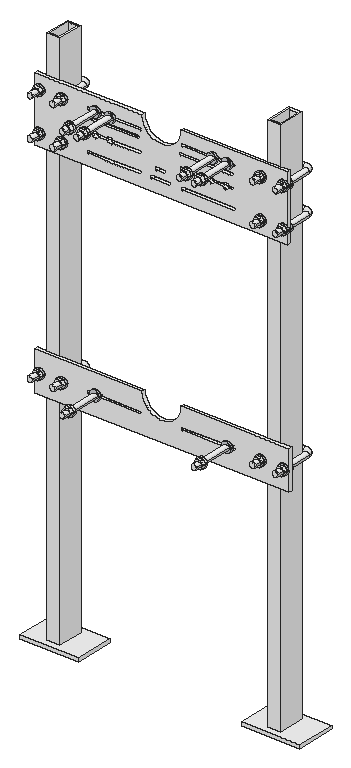
Revit family "Plumbing Fixture-Water_Closet_Carrier_Mifab_MC-32", category Plumbing Fixtures, host Face, Revit 2013
Parameters
  WFU = 0
  URL = "www.mifab.com"
  Model = "MC-32"
  Manufacturer = "MIFAB"
  Floor Drain Material = Paint - Sherwin Williams Paint - #952C2A - Bellwood Red
  Description = "Hanger Plate Carrier With Bearing Plate And Two Uprights"
  Default Elevation = 0.000"
  Assembly Code = ""
Reference planes (in)
  plane 1 "Center (Front/Back)": y = 0
  plane 2: z = 0
  plane 3 "Center (Left/Right)": x = 0
Forms (in)
  Extrusion 1, solid, material "Paint - Sherwin Williams Paint - #952C2A - Bellwood Red" <- "Floor Drain Material"
    sketch origin (0.125, 0, 0) x (1, 0, 0) y (0, 1, 0)
      loop
        line (-10.75, 1.5) -> (-10.75, -1.5) -> (-6.25, -1.5) -> (-6.25, 1.5) -> (-10.75, 1.5)
      loop
        line (10.75, 1.5) -> (6.25, 1.5) -> (6.25, -1.5) -> (10.75, -1.5) -> (10.75, 1.5)
    from 0 to 0.25
  Extrusion 2, solid, material "Paint - Sherwin Williams Paint - #952C2A - Bellwood Red" <- "Floor Drain Material"
    sketch origin (0, 0, 0) x (1, 0, 0) y (0, 1, 0)
      loop
        line (-9, 1) -> (-9, -1) -> (-8, -1) -> (-8, 1) -> (-9, 1)
      loop
        line (9, 1) -> (8, 1) -> (8, -1) -> (9, -1) -> (9, 1)
      loop
        line (-8.875, 0.875) -> (-8.875, -0.875) -> (-8.125, -0.875) -> (-8.125, 0.875) -> (-8.875, 0.875)
      loop
        line (8.875, 0.875) -> (8.125, 0.875) -> (8.125, -0.875) -> (8.875, -0.875) -> (8.875, 0.875)
    from 0.25 to 42
  Extrusion 3, solid, material "Paint - Sherwin Williams Paint - #952C2A - Bellwood Red" <- "Floor Drain Material"
    sketch origin (0.04675, -1.5, 0) x (1, 0, 0) y (0, 0, 1)
      loop
        line (-9.75, 39.14334) -> (-9.75, 34.14334) -> (9.65649, 34.14334) -> (9.65649, 39.14334) -> (1.5, 39.14334)
        arc (1.5, 39.14334) -> (0, 37.64334) -> (-1.5, 39.14334) r 1.5
        line (-1.5, 39.14334) -> (-9.75, 39.14334)
      loop
        circle (9.37144, 38.14334) r 0.25
      loop
        circle (7.62856, 38.14334) r 0.25
      loop
        circle (-9.37144, 38.14334) r 0.25
      loop
        circle (-7.62856, 38.14334) r 0.25
      loop
        line (5.54399, 38.26834) -> (5.275, 38.26834) -> (1.66899, 38.26834)
        arc (1.66899, 38.26834) -> (1.54399, 38.14334) -> (1.66899, 38.01834) r 0.125
        line (1.66899, 38.01834) -> (5.27785, 38.01834) -> (5.54399, 38.01834)
        arc (5.54399, 38.01834) -> (5.66899, 38.14334) -> (5.54399, 38.26834) r 0.125
      loop
        arc (-5.54399, 38.26834) -> (-5.66899, 38.14334) -> (-5.54399, 38.01834) r 0.125
        line (-5.54399, 38.01834) -> (-5.27785, 38.01834) -> (-1.66899, 38.01834)
        arc (-1.66899, 38.01834) -> (-1.54399, 38.14334) -> (-1.66899, 38.26834) r 0.125
        line (-1.66899, 38.26834) -> (-5.275, 38.26834) -> (-5.54399, 38.26834)
      loop
        line (-9.75, 20.14334) -> (-9.75, 17.14334) -> (9.75, 17.14334) -> (9.75, 20.14334) -> (1.5, 20.14334)
        arc (1.5, 20.14334) -> (0, 18.64334) -> (-1.5, 20.14334) r 1.5
        line (-1.5, 20.14334) -> (-9.75, 20.14334)
      loop
        circle (9.37144, 18.625) r 0.25
      loop
        circle (7.62856, 18.625) r 0.25
      loop
        circle (-9.37144, 18.625) r 0.25
      loop
        circle (-7.62856, 18.625) r 0.25
      loop
        line (5.54399, 18.75) -> (5.275, 18.75)
        arc (5.275, 18.75) -> (5.05994, 18.87253) -> (4.84488, 18.75) r 0.25
        line (4.84488, 18.75) -> (4.15512, 18.75) -> (1.66899, 18.75)
        arc (1.66899, 18.75) -> (1.54399, 18.625) -> (1.66899, 18.5) r 0.125
        line (1.66899, 18.5) -> (4.15797, 18.5) -> (4.84203, 18.5)
        arc (4.84203, 18.5) -> (5.05994, 18.37253) -> (5.27785, 18.5) r 0.25
        line (5.27785, 18.5) -> (5.54399, 18.5)
        arc (5.54399, 18.5) -> (5.66899, 18.625) -> (5.54399, 18.75) r 0.125
      loop
        arc (-5.54399, 18.75) -> (-5.66899, 18.625) -> (-5.54399, 18.5) r 0.125
        line (-5.54399, 18.5) -> (-5.27785, 18.5)
        arc (-5.27785, 18.5) -> (-5.05994, 18.37253) -> (-4.84203, 18.5) r 0.25
        line (-4.84203, 18.5) -> (-4.15797, 18.5) -> (-1.66899, 18.5)
        arc (-1.66899, 18.5) -> (-1.54399, 18.625) -> (-1.66899, 18.75) r 0.125
        line (-1.66899, 18.75) -> (-4.15512, 18.75) -> (-4.84488, 18.75)
        arc (-4.84488, 18.75) -> (-5.05994, 18.87253) -> (-5.275, 18.75) r 0.25
        line (-5.275, 18.75) -> (-5.54399, 18.75)
      loop
        circle (9.37144, 35.14334) r 0.25
      loop
        circle (7.62856, 35.14334) r 0.25
      loop
        circle (-9.37144, 35.14334) r 0.25
      loop
        circle (-7.62856, 35.14334) r 0.25
      loop
        arc (5.54399, 35.01834) -> (5.66899, 35.14334) -> (5.54399, 35.26834) r 0.125
        line (5.54399, 35.26834) -> (1.66899, 35.26834)
        arc (1.66899, 35.26834) -> (1.54399, 35.14334) -> (1.66899, 35.01834) r 0.125
        line (1.66899, 35.01834) -> (5.54399, 35.01834)
      loop
        line (-5.54399, 35.01834) -> (-3.725, 35.01834) -> (-1.66899, 35.01834)
        arc (-1.66899, 35.01834) -> (-1.54399, 35.14334) -> (-1.66899, 35.26834) r 0.125
        line (-1.66899, 35.26834) -> (-3.72215, 35.26834) -> (-5.54399, 35.26834)
        arc (-5.54399, 35.26834) -> (-5.66899, 35.14334) -> (-5.54399, 35.01834) r 0.125
      loop
        arc (-5.54399, 36.64334) -> (-5.66899, 36.51834) -> (-5.54399, 36.39334) r 0.125
        line (-5.54399, 36.39334) -> (-5.27785, 36.39334)
        arc (-5.27785, 36.39334) -> (-5.05994, 36.26587) -> (-4.84203, 36.39334) r 0.25
        line (-4.84203, 36.39334) -> (-4.15797, 36.39334)
        arc (-4.15797, 36.39334) -> (-3.94006, 36.26587) -> (-3.72215, 36.39334) r 0.25
        line (-3.72215, 36.39334) -> (-1.66899, 36.39334)
        arc (-1.66899, 36.39334) -> (-1.54399, 36.51834) -> (-1.66899, 36.64334) r 0.125
        line (-1.66899, 36.64334) -> (-3.725, 36.64334)
        arc (-3.725, 36.64334) -> (-3.94006, 36.76587) -> (-4.15512, 36.64334) r 0.25
        line (-4.15512, 36.64334) -> (-4.84488, 36.64334)
        arc (-4.84488, 36.64334) -> (-5.05994, 36.76587) -> (-5.275, 36.64334) r 0.25
        line (-5.275, 36.64334) -> (-5.54399, 36.64334)
      loop
        line (5.41405, 37.625) -> (5.14506, 37.625) -> (1.53905, 37.625)
        arc (1.53905, 37.625) -> (1.41405, 37.5) -> (1.53905, 37.375) r 0.125
        line (1.53905, 37.375) -> (5.14791, 37.375) -> (5.41405, 37.375)
        arc (5.41405, 37.375) -> (5.53905, 37.5) -> (5.41405, 37.625) r 0.125
      loop
        arc (-5.67393, 37.625) -> (-5.79893, 37.5) -> (-5.67393, 37.375) r 0.125
        line (-5.67393, 37.375) -> (-5.40779, 37.375) -> (-1.79893, 37.375)
        arc (-1.79893, 37.375) -> (-1.67393, 37.5) -> (-1.79893, 37.625) r 0.125
        line (-1.79893, 37.625) -> (-5.40494, 37.625) -> (-5.67393, 37.625)
      loop
        line (5.45049, 36.64334) -> (5.1815, 36.64334)
        arc (5.1815, 36.64334) -> (4.96643, 36.76587) -> (4.75137, 36.64334) r 0.25
        line (4.75137, 36.64334) -> (4.06162, 36.64334)
        arc (4.06162, 36.64334) -> (3.84656, 36.76587) -> (3.63149, 36.64334) r 0.25
        line (3.63149, 36.64334) -> (1.57549, 36.64334)
        arc (1.57549, 36.64334) -> (1.45049, 36.51834) -> (1.57549, 36.39334) r 0.125
        line (1.57549, 36.39334) -> (3.62864, 36.39334)
        arc (3.62864, 36.39334) -> (3.84656, 36.26587) -> (4.06447, 36.39334) r 0.25
        line (4.06447, 36.39334) -> (4.74852, 36.39334)
        arc (4.74852, 36.39334) -> (4.96643, 36.26587) -> (5.18435, 36.39334) r 0.25
        line (5.18435, 36.39334) -> (5.45049, 36.39334)
        arc (5.45049, 36.39334) -> (5.57549, 36.51834) -> (5.45049, 36.64334) r 0.125
      loop
        arc (-0.70997, 35.26834) -> (-0.83497, 35.14334) -> (-0.70997, 35.01834) r 0.125
        line (-0.70997, 35.01834) -> (0.61647, 35.01834)
        arc (0.61647, 35.01834) -> (0.74147, 35.14334) -> (0.61647, 35.26834) r 0.125
        line (0.61647, 35.26834) -> (-0.70997, 35.26834)
      loop
        arc (-0.32934, 35.95824) -> (-0.45434, 35.83324) -> (-0.32934, 35.70824) r 0.125
        line (-0.32934, 35.70824) -> (0.23583, 35.70824)
        arc (0.23583, 35.70824) -> (0.36083, 35.83324) -> (0.23583, 35.95824) r 0.125
        line (0.23583, 35.95824) -> (-0.32934, 35.95824)
    from -0.5 to -0.25
  Sweep 4, solid, material "Paint - Sherwin Williams Paint - #952C2A - Bellwood Red" <- "Floor Drain Material"
    path origin (0.04675, 0, 0.48355) x (1, 0, 0) y (0, 1, 0)
      loop
        line (-9.37144, -2.1899) -> (-9.37144, 0.8101)
        arc (-9.37144, 0.8101) -> (-9.2426, 1.12116) -> (-8.93154, 1.25) r 0.4399
        line (-8.93154, 1.25) -> (-8.06846, 1.25)
        arc (-8.06846, 1.25) -> (-7.7574, 1.12116) -> (-7.62856, 0.8101) r 0.4399
        line (-7.62856, 0.8101) -> (-7.62856, -2.1899)
    profile origin (-9.32469, -0.6899, 0.48355) x (-1, 0, 0) y (0, 0, 1)
      loop
        circle (0, 37.63699) r 0.2
  Sweep 5, solid, material "Paint - Sherwin Williams Paint - #952C2A - Bellwood Red" <- "Floor Drain Material"
    path origin (0.05085, 0.11634, 0.49005) x (-1, 0, 0) y (0, 1, 0)
      loop
        line (-9.37144, -2.1899) -> (-9.37144, 0.8101)
        arc (-9.37144, 0.8101) -> (-9.2426, 1.12116) -> (-8.93154, 1.25) r 0.4399
        line (-8.93154, 1.25) -> (-8.06846, 1.25)
        arc (-8.06846, 1.25) -> (-7.7574, 1.12116) -> (-7.62856, 0.8101) r 0.4399
        line (-7.62856, 0.8101) -> (-7.62856, -2.1899)
    profile origin (9.42229, -0.57356, 0.49005) x (-1, 0, 0) y (0, 0, 1)
      loop
        circle (0, 37.63699) r 0.2
  Extrusion 6, solid
    sketch origin (0.04675, 0, 1.87253) x (1, 0, 0) y (0, 0, 1)
      loop
        circle (-9.37144, 36.25) r 0.37861
      loop
        circle (-7.62856, 36.25) r 0.37861
      loop
        circle (7.62856, 36.25) r 0.37861
      loop
        circle (9.37144, 36.25) r 0.37861
    from 1.25 to 1.375
  Extrusion 7, solid
    sketch origin (0.04675, -2.25, 1.87253) x (1, 0, 0) y (0, 0, -1)
      loop
        circle (-9.37144, -36.25) r 0.37861
      loop
        circle (-7.62856, -36.25) r 0.37861
      loop
        circle (7.62856, -36.25) r 0.37861
      loop
        circle (9.37144, -36.25) r 0.37861
    from 1.25 to 1.375
  Extrusion 8, solid, material "Paint - Sherwin Williams Paint - #952C2A - Bellwood Red" <- "Floor Drain Material"
    sketch origin (0.04675, 0, 1.87253) x (1, 0, 0) y (0, 0, 1)
      loop
        line (9.19891, 36.54883) -> (9.02638, 36.25) -> (9.19891, 35.95117) -> (9.54397, 35.95117) -> (9.7165, 36.25) -> (9.54397, 36.54883) -> (9.19891, 36.54883)
      loop
        line (7.45603, 36.54883) -> (7.2835, 36.25) -> (7.45603, 35.95117) -> (7.80109, 35.95117) -> (7.97362, 36.25) -> (7.80109, 36.54883) -> (7.45603, 36.54883)
      loop
        circle (9.37144, 36.25) r 0.2
      loop
        circle (7.62856, 36.25) r 0.2
      loop
        line (-9.19891, 36.54883) -> (-9.54397, 36.54883) -> (-9.7165, 36.25) -> (-9.54397, 35.95117) -> (-9.19891, 35.95117) -> (-9.02638, 36.25) -> (-9.19891, 36.54883)
      loop
        line (-7.45603, 36.54883) -> (-7.80109, 36.54883) -> (-7.97362, 36.25) -> (-7.80109, 35.95117) -> (-7.45603, 35.95117) -> (-7.2835, 36.25) -> (-7.45603, 36.54883)
      loop
        circle (-9.38944, 36.27126) r 0.2
      loop
        circle (-7.62856, 36.25) r 0.2
    from 1.375 to 1.625
  Extrusion 9, solid, material "Paint - Sherwin Williams Paint - #952C2A - Bellwood Red" <- "Floor Drain Material"
    sketch origin (0.04675, 0, 0.5) x (1, 0, 0) y (0, 0, 1)
      loop
        circle (-3.94006, 37.62253) r 0.2
      loop
        circle (-5.05994, 37.62253) r 0.2
      loop
        circle (3.94006, 37.62253) r 0.2
      loop
        circle (5.05994, 37.62253) r 0.2
    from 0.73281 to 4.48435
  Extrusion 10, solid, material "Paint - Sherwin Williams Paint - #952C2A - Bellwood Red" <- "Floor Drain Material"
    sketch origin (4.35826, -2.4273, -1.05033) x (1, 0, 0) y (0, 0, 1)
      loop
        line (-9.19891, 39.47169) -> (-9.54397, 39.47169) -> (-9.7165, 39.17286) -> (-9.54397, 38.87403) -> (-9.19891, 38.87403) -> (-9.02638, 39.17286) -> (-9.19891, 39.47169)
      loop
        circle (-9.37144, 39.17286) r 0.2
      loop
        line (-8.07903, 39.47169) -> (-8.42409, 39.47169) -> (-8.59662, 39.17286) -> (-8.42409, 38.87403) -> (-8.07903, 38.87403) -> (-7.90651, 39.17286) -> (-8.07903, 39.47169)
      loop
        circle (-8.25156, 39.17286) r 0.2
      loop
        line (-0.19891, 39.47169) -> (-0.54397, 39.47169) -> (-0.7165, 39.17286) -> (-0.54397, 38.87403) -> (-0.19891, 38.87403) -> (-0.02638, 39.17286) -> (-0.19891, 39.47169)
      loop
        circle (-0.37144, 39.17286) r 0.2
      loop
        line (0.92097, 39.47169) -> (0.57591, 39.47169) -> (0.40338, 39.17286) -> (0.57591, 38.87403) -> (0.92097, 38.87403) -> (1.09349, 39.17286) -> (0.92097, 39.47169)
      loop
        circle (0.74844, 39.17286) r 0.2
    from 1.375 to 1.625
  Extrusion 11, solid
    sketch origin (4.35826, 0, -1.05033) x (1, 0, 0) y (0, 0, 1)
      loop
        circle (-9.37144, 39.17286) r 0.37857
      loop
        circle (-8.25156, 39.17286) r 0.37857
      loop
        circle (-0.37144, 39.17286) r 0.37857
      loop
        circle (0.74844, 39.17286) r 0.37857
    from 1.25 to 1.375
  Extrusion 12, solid, material "Paint - Sherwin Williams Paint - #952C2A - Bellwood Red" <- "Floor Drain Material"
    sketch origin (4.35826, -2.43499, -1.05033) x (1, 0, 0) y (0, 0, 1)
      loop
        circle (-9.37144, 39.17286) r 0.37857
      loop
        circle (-8.25156, 39.17286) r 0.37857
      loop
        circle (-0.37144, 39.17286) r 0.37857
      loop
        circle (0.74844, 39.17286) r 0.37857
    from 1.25 to 1.375
  Extrusion 13, solid, material "Paint - Sherwin Williams Paint - #952C2A - Bellwood Red" <- "Floor Drain Material"
    sketch origin (0.04675, 0, -19) x (1, 0, 0) y (0, 0, 1)
      loop
        circle (-5.05994, 37.62253) r 0.2
      loop
        circle (5.05994, 37.62253) r 0.2
    from 0.73281 to 4.48435
  Extrusion 14, solid, material "Paint - Sherwin Williams Paint - #952C2A - Bellwood Red" <- "Floor Drain Material"
    sketch origin (4.35826, -2.4273, -20.55033) x (1, 0, 0) y (0, 0, 1)
      loop
        line (-9.19891, 39.47169) -> (-9.54397, 39.47169) -> (-9.7165, 39.17286) -> (-9.54397, 38.87403) -> (-9.19891, 38.87403) -> (-9.02638, 39.17286) -> (-9.19891, 39.47169)
      loop
        circle (-9.37144, 39.17286) r 0.2
      loop
        line (0.92097, 39.47169) -> (0.57591, 39.47169) -> (0.40338, 39.17286) -> (0.57591, 38.87403) -> (0.92097, 38.87403) -> (1.09349, 39.17286) -> (0.92097, 39.47169)
      loop
        circle (0.74844, 39.17286) r 0.2
    from 1.375 to 1.625
  Extrusion 15, solid
    sketch origin (4.35826, 0, -20.55033) x (1, 0, 0) y (0, 0, 1)
      loop
        circle (-9.37144, 39.17286) r 0.37857
      loop
        circle (0.74844, 39.17286) r 0.37857
    from 1.25 to 1.375
  Extrusion 16, solid, material "Paint - Sherwin Williams Paint - #952C2A - Bellwood Red" <- "Floor Drain Material"
    sketch origin (4.35826, -2.43499, -20.55033) x (1, 0, 0) y (0, 0, 1)
      loop
        circle (-9.37144, 39.17286) r 0.37857
      loop
        circle (0.74844, 39.17286) r 0.37857
    from 1.25 to 1.375
  Sweep 17, solid, material "Paint - Sherwin Williams Paint - #952C2A - Bellwood Red" <- "Floor Drain Material"
    path origin (0.04675, 0, -2.51645) x (1, 0, 0) y (0, 1, 0)
      loop
        line (-9.37144, -2.1899) -> (-9.37144, 0.8101)
        arc (-9.37144, 0.8101) -> (-9.2426, 1.12116) -> (-8.93154, 1.25) r 0.4399
        line (-8.93154, 1.25) -> (-8.06846, 1.25)
        arc (-8.06846, 1.25) -> (-7.7574, 1.12116) -> (-7.62856, 0.8101) r 0.4399
        line (-7.62856, 0.8101) -> (-7.62856, -2.1899)
    profile origin (-9.32469, -0.6899, -2.51645) x (-1, 0, 0) y (0, 0, 1)
      loop
        circle (0, 37.63699) r 0.2
  Sweep 18, solid, material "Paint - Sherwin Williams Paint - #952C2A - Bellwood Red" <- "Floor Drain Material"
    path origin (0.05085, 0.11634, -2.50995) x (-1, 0, 0) y (0, 1, 0)
      loop
        line (-9.37144, -2.1899) -> (-9.37144, 0.8101)
        arc (-9.37144, 0.8101) -> (-9.2426, 1.12116) -> (-8.93154, 1.25) r 0.4399
        line (-8.93154, 1.25) -> (-8.06846, 1.25)
        arc (-8.06846, 1.25) -> (-7.7574, 1.12116) -> (-7.62856, 0.8101) r 0.4399
        line (-7.62856, 0.8101) -> (-7.62856, -2.1899)
    profile origin (9.42229, -0.57356, -2.50995) x (-1, 0, 0) y (0, 0, 1)
      loop
        circle (0, 37.63699) r 0.2
  Extrusion 19, solid
    sketch origin (0.04675, 0, -1.12747) x (1, 0, 0) y (0, 0, 1)
      loop
        circle (-9.37144, 36.25) r 0.37861
      loop
        circle (-7.62856, 36.25) r 0.37861
      loop
        circle (7.62856, 36.25) r 0.37861
      loop
        circle (9.37144, 36.25) r 0.37861
    from 1.25 to 1.375
  Extrusion 20, solid
    sketch origin (0.04675, -2.25, -1.12747) x (1, 0, 0) y (0, 0, -1)
      loop
        circle (-9.37144, -36.25) r 0.37861
      loop
        circle (-7.62856, -36.25) r 0.37861
      loop
        circle (7.62856, -36.25) r 0.37861
      loop
        circle (9.37144, -36.25) r 0.37861
    from 1.25 to 1.375
  Extrusion 21, solid, material "Paint - Sherwin Williams Paint - #952C2A - Bellwood Red" <- "Floor Drain Material"
    sketch origin (0.04675, 0, -1.12747) x (1, 0, 0) y (0, 0, 1)
      loop
        line (9.19891, 36.54883) -> (9.02638, 36.25) -> (9.19891, 35.95117) -> (9.54397, 35.95117) -> (9.7165, 36.25) -> (9.54397, 36.54883) -> (9.19891, 36.54883)
      loop
        line (7.45603, 36.54883) -> (7.2835, 36.25) -> (7.45603, 35.95117) -> (7.80109, 35.95117) -> (7.97362, 36.25) -> (7.80109, 36.54883) -> (7.45603, 36.54883)
      loop
        circle (9.37144, 36.25) r 0.2
      loop
        circle (7.62856, 36.25) r 0.2
      loop
        line (-9.19891, 36.54883) -> (-9.54397, 36.54883) -> (-9.7165, 36.25) -> (-9.54397, 35.95117) -> (-9.19891, 35.95117) -> (-9.02638, 36.25) -> (-9.19891, 36.54883)
      loop
        line (-7.45603, 36.54883) -> (-7.80109, 36.54883) -> (-7.97362, 36.25) -> (-7.80109, 35.95117) -> (-7.45603, 35.95117) -> (-7.2835, 36.25) -> (-7.45603, 36.54883)
      loop
        circle (-9.38944, 36.27126) r 0.2
      loop
        circle (-7.62856, 36.25) r 0.2
    from 1.375 to 1.625
  Extrusion 22, solid, material "Paint - Sherwin Williams Paint - #952C2A - Bellwood Red" <- "Floor Drain Material"
    sketch origin (0.04675, 0, 1.87253) x (1, 0, 0) y (0, 0, 1)
      loop
        line (9.19891, 36.54883) -> (9.02638, 36.25) -> (9.19891, 35.95117) -> (9.54397, 35.95117) -> (9.7165, 36.25) -> (9.54397, 36.54883) -> (9.19891, 36.54883)
      loop
        line (7.45603, 36.54883) -> (7.2835, 36.25) -> (7.45603, 35.95117) -> (7.80109, 35.95117) -> (7.97362, 36.25) -> (7.80109, 36.54883) -> (7.45603, 36.54883)
      loop
        circle (9.37144, 36.25) r 0.2
      loop
        circle (7.62856, 36.25) r 0.2
      loop
        line (-9.19891, 36.54883) -> (-9.54397, 36.54883) -> (-9.7165, 36.25) -> (-9.54397, 35.95117) -> (-9.19891, 35.95117) -> (-9.02638, 36.25) -> (-9.19891, 36.54883)
      loop
        line (-7.45603, 36.54883) -> (-7.80109, 36.54883) -> (-7.97362, 36.25) -> (-7.80109, 35.95117) -> (-7.45603, 35.95117) -> (-7.2835, 36.25) -> (-7.45603, 36.54883)
      loop
        circle (-9.38944, 36.27126) r 0.2
      loop
        circle (-7.62856, 36.25) r 0.2
    from 1.375 to 1.625
  Sweep 23, solid, material "Paint - Sherwin Williams Paint - #952C2A - Bellwood Red" <- "Floor Drain Material"
    path origin (0.04675, 0, -19.03445) x (1, 0, 0) y (0, 1, 0)
      loop
        line (-9.37144, -2.1899) -> (-9.37144, 0.8101)
        arc (-9.37144, 0.8101) -> (-9.2426, 1.12116) -> (-8.93154, 1.25) r 0.4399
        line (-8.93154, 1.25) -> (-8.06846, 1.25)
        arc (-8.06846, 1.25) -> (-7.7574, 1.12116) -> (-7.62856, 0.8101) r 0.4399
        line (-7.62856, 0.8101) -> (-7.62856, -2.1899)
    profile origin (-9.32469, -0.6899, -19.03445) x (-1, 0, 0) y (0, 0, 1)
      loop
        circle (0, 37.63699) r 0.2
  Sweep 24, solid, material "Paint - Sherwin Williams Paint - #952C2A - Bellwood Red" <- "Floor Drain Material"
    path origin (0.05085, 0.11634, -19.02795) x (-1, 0, 0) y (0, 1, 0)
      loop
        line (-9.37144, -2.1899) -> (-9.37144, 0.8101)
        arc (-9.37144, 0.8101) -> (-9.2426, 1.12116) -> (-8.93154, 1.25) r 0.4399
        line (-8.93154, 1.25) -> (-8.06846, 1.25)
        arc (-8.06846, 1.25) -> (-7.7574, 1.12116) -> (-7.62856, 0.8101) r 0.4399
        line (-7.62856, 0.8101) -> (-7.62856, -2.1899)
    profile origin (9.42229, -0.57356, -19.02795) x (-1, 0, 0) y (0, 0, 1)
      loop
        circle (0, 37.63699) r 0.2
  Extrusion 25, solid
    sketch origin (0.04675, 0, -17.64547) x (1, 0, 0) y (0, 0, 1)
      loop
        circle (-9.37144, 36.25) r 0.37861
      loop
        circle (-7.62856, 36.25) r 0.37861
      loop
        circle (7.62856, 36.25) r 0.37861
      loop
        circle (9.37144, 36.25) r 0.37861
    from 1.25 to 1.375
  Extrusion 26, solid
    sketch origin (0.04675, -2.25, -17.64547) x (1, 0, 0) y (0, 0, -1)
      loop
        circle (-9.37144, -36.25) r 0.37861
      loop
        circle (-7.62856, -36.25) r 0.37861
      loop
        circle (7.62856, -36.25) r 0.37861
      loop
        circle (9.37144, -36.25) r 0.37861
    from 1.25 to 1.375
  Extrusion 27, solid, material "Paint - Sherwin Williams Paint - #952C2A - Bellwood Red" <- "Floor Drain Material"
    sketch origin (0.04675, 0, -17.64547) x (1, 0, 0) y (0, 0, 1)
      loop
        line (9.19891, 36.54883) -> (9.02638, 36.25) -> (9.19891, 35.95117) -> (9.54397, 35.95117) -> (9.7165, 36.25) -> (9.54397, 36.54883) -> (9.19891, 36.54883)
      loop
        line (7.45603, 36.54883) -> (7.2835, 36.25) -> (7.45603, 35.95117) -> (7.80109, 35.95117) -> (7.97362, 36.25) -> (7.80109, 36.54883) -> (7.45603, 36.54883)
      loop
        circle (9.37144, 36.25) r 0.2
      loop
        circle (7.62856, 36.25) r 0.2
      loop
        line (-9.19891, 36.54883) -> (-9.54397, 36.54883) -> (-9.7165, 36.25) -> (-9.54397, 35.95117) -> (-9.19891, 35.95117) -> (-9.02638, 36.25) -> (-9.19891, 36.54883)
      loop
        line (-7.45603, 36.54883) -> (-7.80109, 36.54883) -> (-7.97362, 36.25) -> (-7.80109, 35.95117) -> (-7.45603, 35.95117) -> (-7.2835, 36.25) -> (-7.45603, 36.54883)
      loop
        circle (-9.38944, 36.27126) r 0.2
      loop
        circle (-7.62856, 36.25) r 0.2
    from 1.375 to 1.625
Cuts and joins
  joined: Extrusion 1, Extrusion 2, Extrusion 3, Sweep 4, Sweep 5, Extrusion 8, Extrusion 9, Extrusion 10, Extrusion 12
Dimensions and locks (in)
  Extrusion 3 sketch curve to Extrusion 3 sketch curve = 5.000"
  Extrusion 2 to plane 3 "Center (Left/Right)" to Extrusion 2 = 9.000" locked, 9.000" locked
  Extrusion 3 sketch curve to Extrusion 3 sketch curve = 3.000"
  aligned and locked: plane 2 to host face
  aligned and locked: level to host face
  aligned and locked: Extrusion 2 to Extrusion 1
  aligned and locked: Extrusion 3 to Extrusion 2
  aligned and locked: Extrusion 6 to Extrusion 3
  aligned and locked: Extrusion 8 to Extrusion 6
  aligned and locked: Extrusion 1 to level
  aligned and locked: Extrusion 21 to Extrusion 19
  aligned and locked: Extrusion 27 to Extrusion 25
